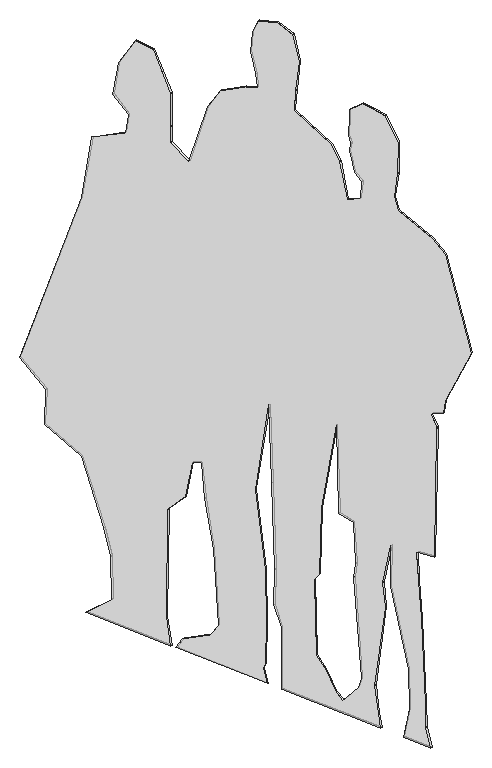
Revit family "Flat Group 01", category Entourage, Revit 2015
Parameters
  Height = 0 mm
  Flat Material [instance] = none
Reference planes
  plane 1 "Center (Front/Back)": y = 0
  plane 2: z = 0
  plane 3 "Center (Left/Right)": x = 0
  plane 4: z = 1600
Forms (mm)
  Extrusion 1, solid, material <- "Flat Material"
    sketch origin (0, 0, 0) x (1, 0, 0) y (0, 0, 1)
      loop
        line (-225.766, 1308.457) -> (-279.281, 1340.849) -> (-279.281, 1382.596) -> (-279.281, 1471.307) -> (-331.491, 1570.456) -> (-384.928, 1574.271) -> (-435.91, 1497.399) -> (-451.573, 1408.687) -> (-404.584, 1372.159) -> (-415.026, 1319.976) -> (-514.224, 1273.01) -> (-545.55, 1100.805) -> (-728.283, 610.281) -> (-649.969, 552.88) -> (-655.19, 458.95) -> (-545.55, 411.984) -> (-477.677, 244.998) -> (-456.794, 177.159) -> (-454.604, 62.477) -> (-533.069, 0) -> (-278.741, 0) -> (-292.824, 72.792) -> (-287.603, 359.801) -> (-236.733, 411.984) -> (-215.849, 511.133) -> (-188.755, 516.936) -> (-178.002, 428.357) -> (-152.606, 301.136) -> (-137.556, 105.567) -> (-162.012, 71.055) -> (-242.905, 33.835) -> (-264.539, 0) -> (8.239, 0) -> (-3.989, 37.219) -> (2.596, 49.4) -> (5.417, 164.44) -> (2.596, 301.136) -> (-28.36, 505.502) -> (12.002, 744.381) -> (21.408, 540.014) -> (29.873, 313.317) -> (27.08, 217.224) -> (48.686, 164.44) -> (48.686, 0) -> (345.337, 0) -> (337.847, 36.37) -> (326.735, 108.838) -> (359.34, 327.195) -> (350.707, 390.852) -> (374.645, 496.497) -> (373.28, 387.367) -> (426.999, 184.884) -> (430.651, 83.846) -> (412.388, 0) -> (493.495, 0) -> (478.915, 49.761) -> (477.666, 109.41) -> (466.231, 334.089) -> (455.757, 432.262) -> (451.832, 506.828) -> (505.017, 511.341) -> (511.806, 856.754) -> (511.806, 861.054) -> (494.338, 887.768) -> (531.238, 904.768) -> (536.096, 941.196) -> (613.134, 1092.49) -> (536.096, 1329.766) -> (497.232, 1358.909) -> (397.75, 1397.344) -> (385.605, 1428.915) -> (395.216, 1494.908) -> (397.85, 1577.851) -> (356.774, 1636.715) -> (319.918, 1640.622) -> (289.926, 1643.367) -> (251.062, 1614.225) -> (251.062, 1599.653) -> (248.633, 1543.796) -> (255.92, 1526.796) -> (251.062, 1504.939) -> (265.636, 1451.511) -> (288.341, 1436.623) -> (283.483, 1390.48) -> (245.69, 1374.33) -> (222.731, 1467.484) -> (198.275, 1502.673) -> (88.223, 1554.103) -> (91.986, 1609.593) -> (103.273, 1690.798) -> (83.52, 1755.762) -> (38.371, 1772.003) -> (-19.007, 1755.762) -> (-36.878, 1720.573) -> (-42.522, 1665.083) -> (-26.532, 1611.623) -> (-22.769, 1577.788) -> (-56.631, 1568.314) -> (-131.88, 1530.418) -> (-171.386, 1472.898) -> (-225.766, 1308.457)
      loop
        line (232.315, 36.021) -> (278.423, 86.365) -> (286.903, 111.801) -> (265.249, 373.556) -> (270.786, 413.909) -> (262.56, 519.365) -> (220.274, 528.469) -> (213.437, 761.784) -> (169.084, 525.127) -> (162.5, 345.122) -> (146.51, 327.528) -> (154.035, 127.221) -> (182.253, 96.093) -> (210.471, 52.783) -> (232.315, 36.021)
    from -2.5 to 2.5
Lines and regions (mm)
  model lines
    curve 1: line (0, 150, 0) -> (0, -150, 0)
    curve 2: line (-150, 0, 0) -> (150, 0, 0)
Dimensions and locks
  aligned and locked: level to plane 2
